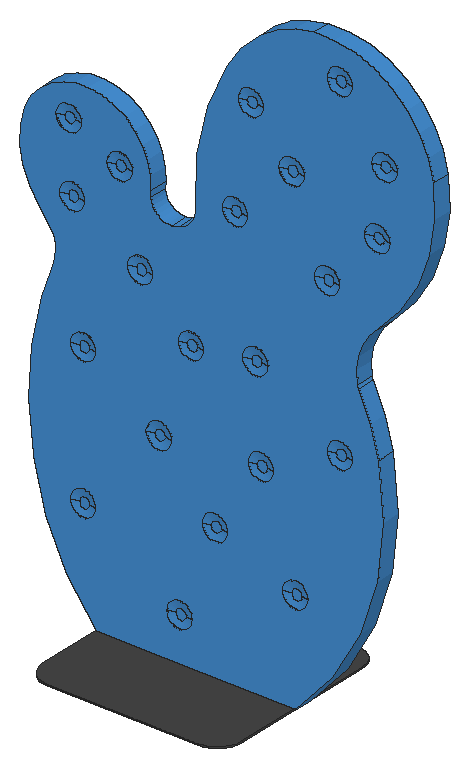
Revit family "Haworth_BuzziCactus_Taco", category Furniture, Revit 2018
Family settings
  OmniClass Number = 23.40.70.14.64.21
  OmniClass Title = Systems Furniture
  Work Plane-Based = No
  Always vertical = Yes
  Cut with Voids When Loaded = No
  Shared = No
  Room Calculation Point = No
Parameters (values of type "HCBZ-CTS1-2")
  Warranty = "http://www.haworth.com/resources/product-info/warranties"
  Upholstery Finish [instance] = Haworth _ Fabric _ Trevira CS _ Lavender BCS-6006
  URL - Product = "https://www.haworth.com/products/architectural-interiors/acoustic-solutions/buzzicactus"
  URL = "http://www.haworth.com/our-brands/haworth-collection"
  Size = "Verify Final Dim. w/ Haworth"  # constant formula
  Revision Number = "1"  # constant formula
  Model = "HCBZ-CTS"  # constant formula
  Manufacturer = "Haworth"  # constant formula
  Description = "Haworth BuzziCactus Taco"  # constant formula
  Base Finish [instance] = Haworth _ Paint _ Black BTR-9005
  Author = "Haworth (Abd Rahman)"  # constant formula
  Assembly Code = "E2020200"
  Actual Width = 40 41/256"  # constant formula
  Actual Height = 59 83/128"  # constant formula
  Actual Depth = 19 37/128"  # constant formula
Reference planes (in)
  plane 1 "Center F/B": y = 1.75
  plane 2: z = 0
  plane 3 "Back": y = 11.39453
  plane 4 "Front": y = -7.89453
  plane 5 "Top": z = 59.64844
  plane 6 "Right": x = 42.54045
  plane 7 "Left": x = 2.3803
  plane 8: x = 22.46038
  plane 9 "Front Surface": y = 0.89776
  plane 10 "Back Surface": y = 2.63042
  plane 11 "Base Top": z = 0.11811
Forms (in)
  Extrusion 1, solid, material "Haworth _ Paint _ Black BTR-9005" <- "Base Finish"
    sketch origin (0, 0, 0) x (1, 0, 0) y (0, 1, 0)
      loop
        arc (26.70628, -7.89453) -> (28.3845, -7.19939) -> (29.07964, -5.52117) r 2.37336
        line (29.07964, -5.52117) -> (29.07964, 9.01953)
        arc (29.07964, 9.01953) -> (28.38402, 10.69891) -> (26.70464, 11.39453) r 2.375
        line (26.70464, 11.39453) -> (12.1633, 11.39453)
        arc (12.1633, 11.39453) -> (10.48393, 10.69891) -> (9.7883, 9.01953) r 2.375
        line (9.7883, 9.01953) -> (9.7883, -5.51953)
        arc (9.7883, -5.51953) -> (10.48393, -7.19891) -> (12.1633, -7.89453) r 2.375
        line (12.1633, -7.89453) -> (26.70628, -7.89453)
    from 0 to 0.11811
  Extrusion 2, solid, material "Haworth _ Fabric _ Trevira CS _ Lavender BCS-6006" <- "Upholstery Finish"
    sketch origin (0, 1.75, 0) x (1, 0, 0) y (0, 0, 1)
      loop
        arc (3.57334, 44.54131) -> (3.17392, 43.91059) -> (2.87285, 43.22743) r 5
        arc (2.87285, 43.22743) -> (2.52004, 39.04348) -> (4.26407, 35.22402) r 8.28359
        arc (4.26407, 35.22402) -> (5.01415, 34.18685) -> (5.63813, 33.06928) r 10.95518
        arc (5.63813, 33.06928) -> (5.8108, 32.5846) -> (5.87504, 32.07412) r 2.375
        arc (5.87504, 32.07412) -> (5.78933, 31.06538) -> (5.50218, 30.09458) r 5
        arc (5.50218, 30.09458) -> (4.97618, 28.72052) -> (4.51505, 27.32335) r 31.43664
        arc (4.51505, 27.32335) -> (3.27388, 20.39221) -> (3.69042, 13.36315) r 29.85732
        arc (3.69042, 13.36315) -> (3.70573, 13.27297) -> (3.7194, 13.18252) r 5
        arc (3.7194, 13.18252) -> (5.79119, 6.19802) -> (9.80494, 0.11811) r 24.77486
        line (9.80494, 0.11811) -> (29.20963, 0.11811)
        arc (29.20963, 0.11811) -> (36.41132, 11.29412) -> (37.1761, 24.56751) r 26.11046
        arc (37.1761, 24.56751) -> (36.39912, 27.41991) -> (35.25311, 30.1451) r 22.39069
        arc (35.25311, 30.1451) -> (35.19015, 30.30086) -> (35.15281, 30.46466) r 1.05095
        arc (35.15281, 30.46466) -> (35.46719, 33.47204) -> (37.1761, 35.96658) r 6.15354
        arc (37.1761, 35.96658) -> (41.70301, 42.57176) -> (42.54045, 50.53542) r 16.30909
        arc (42.54045, 50.53542) -> (38.56094, 57.39595) -> (30.93959, 59.59101) r 10.62812
        arc (30.93959, 59.59101) -> (28.25698, 58.93313) -> (25.85668, 57.56648) r 10
        arc (25.85668, 57.56648) -> (23.9612, 55.77758) -> (22.46038, 53.64672) r 13.00879
        arc (22.46038, 53.64672) -> (19.98147, 47.22193) -> (19.44391, 40.35652) r 23.82209
        arc (19.44391, 40.35652) -> (19.0254, 38.90984) -> (17.77585, 38.06922) r 2.20502
        arc (17.77585, 38.06922) -> (17.45338, 38.00025) -> (17.12706, 37.95269) r 5
        arc (17.12706, 37.95269) -> (15.73296, 38.38498) -> (15.10437, 39.70226) r 1.82063
        arc (15.10437, 39.70226) -> (15.10276, 39.97035) -> (15.11553, 40.23814) r 5
        arc (15.11553, 40.23814) -> (10.96046, 46.72431) -> (3.57334, 44.54131) r 6.41316
    from -0.88042 to 0.85224
  Blend 3, void
    base sketch origin (0, 1.75, 0) x (1, 0, 0) y (0, 0, 1)
      loop
        circle (7.15021, 43.78373) r 0.52571
    top sketch origin (0, 1.75, 0) x (1, 0, 0) y (0, 0, 1)
      loop
        circle (7.15021, 43.78373) r 1.23496
    from 0.6948 to 0.85224
  Blend 4, solid, material "Haworth _ Fabric _ Trevira CS _ Lavender BCS-6006" <- "Upholstery Finish"
    base sketch origin (0, 1.75, 0) x (1, 0, 0) y (0, 0, 1)
      loop
        circle (33.46417, 56.18339) r 0.1916
    top sketch origin (0, 1.75, 0) x (1, 0, 0) y (0, 0, 1)
      loop
        circle (33.46417, 56.18339) r 0.89879
    from -1.04195 to -0.88042
  Blend 5, solid, material "Haworth _ Fabric _ Trevira CS _ Lavender BCS-6006" <- "Upholstery Finish"
    base sketch origin (4.33284, 1.75, -5.93173) x (1, 0, 0) y (0, 0, 1)
      loop
        circle (33.46417, 56.18339) r 0.1916
    top sketch origin (4.33284, 1.75, -5.93173) x (1, 0, 0) y (0, 0, 1)
      loop
        circle (33.46417, 56.18339) r 0.89879
    from -1.04195 to -0.88042
  Blend 6, void
    base sketch origin (4.94844, 1.75, -2.47438) x (1, 0, 0) y (0, 0, 1)
      loop
        circle (7.15021, 43.78373) r 0.52571
    top sketch origin (4.94844, 1.75, -2.47438) x (1, 0, 0) y (0, 0, 1)
      loop
        circle (7.15021, 43.78373) r 1.23496
    from 0.6948 to 0.85224
  Blend 7, void
    base sketch origin (0.3391, 1.75, -6.70618) x (1, 0, 0) y (0, 0, 1)
      loop
        circle (7.15021, 43.78373) r 0.52571
    top sketch origin (0.3391, 1.75, -6.70618) x (1, 0, 0) y (0, 0, 1)
      loop
        circle (7.15021, 43.78373) r 1.23496
    from 0.6948 to 0.85224
  Blend 8, void
    base sketch origin (6.93649, 1.75, -10.78876) x (1, 0, 0) y (0, 0, 1)
      loop
        circle (7.15021, 43.78373) r 0.52571
    top sketch origin (6.93649, 1.75, -10.78876) x (1, 0, 0) y (0, 0, 1)
      loop
        circle (7.15021, 43.78373) r 1.23496
    from 0.6948 to 0.85224
  Blend 9, void
    base sketch origin (11.86741, 1.75, -15.65306) x (1, 0, 0) y (0, 0, 1)
      loop
        circle (7.15021, 43.78373) r 0.52571
    top sketch origin (11.86741, 1.75, -15.65306) x (1, 0, 0) y (0, 0, 1)
      loop
        circle (7.15021, 43.78373) r 1.23496
    from 0.6948 to 0.85224
  Blend 10, void
    base sketch origin (1.4054, 1.75, -19.43791) x (1, 0, 0) y (0, 0, 1)
      loop
        circle (7.15021, 43.78373) r 0.52571
    top sketch origin (1.4054, 1.75, -19.43791) x (1, 0, 0) y (0, 0, 1)
      loop
        circle (7.15021, 43.78373) r 1.23496
    from 0.6948 to 0.85224
  Blend 11, void
    base sketch origin (8.73727, 1.75, -24.55799) x (1, 0, 0) y (0, 0, 1)
      loop
        circle (7.15021, 43.78373) r 0.52571
    top sketch origin (8.73727, 1.75, -24.55799) x (1, 0, 0) y (0, 0, 1)
      loop
        circle (7.15021, 43.78373) r 1.23496
    from 0.6948 to 0.85224
  Blend 12, void
    base sketch origin (1.40511, 1.75, -33.01981) x (1, 0, 0) y (0, 0, 1)
      loop
        circle (7.15021, 43.78373) r 0.52571
    top sketch origin (1.40511, 1.75, -33.01981) x (1, 0, 0) y (0, 0, 1)
      loop
        circle (7.15021, 43.78373) r 1.23496
    from 0.6948 to 0.85224
  Blend 13, void
    base sketch origin (10.7536, 1.75, -39.44265) x (1, 0, 0) y (0, 0, 1)
      loop
        circle (7.15021, 43.78373) r 0.52571
    top sketch origin (10.7536, 1.75, -39.44265) x (1, 0, 0) y (0, 0, 1)
      loop
        circle (7.15021, 43.78373) r 1.23496
    from 0.6948 to 0.85224
  Blend 14, void
    base sketch origin (14.1852, 1.75, -30.63048) x (1, 0, 0) y (0, 0, 1)
      loop
        circle (7.15021, 43.78373) r 0.52571
    top sketch origin (14.1852, 1.75, -30.63048) x (1, 0, 0) y (0, 0, 1)
      loop
        circle (7.15021, 43.78373) r 1.23496
    from 0.6948 to 0.85224
  Blend 15, void
    base sketch origin (21.99703, 1.75, -33.7683) x (1, 0, 0) y (0, 0, 1)
      loop
        circle (7.15021, 43.78373) r 0.52571
    top sketch origin (21.99703, 1.75, -33.7683) x (1, 0, 0) y (0, 0, 1)
      loop
        circle (7.15021, 43.78373) r 1.23496
    from 0.6948 to 0.85224
  Blend 16, void
    base sketch origin (18.66106, 1.75, -23.77845) x (1, 0, 0) y (0, 0, 1)
      loop
        circle (7.15021, 43.78373) r 0.52571
    top sketch origin (18.66106, 1.75, -23.77845) x (1, 0, 0) y (0, 0, 1)
      loop
        circle (7.15021, 43.78373) r 1.23496
    from 0.6948 to 0.85224
  Blend 17, void
    base sketch origin (26.32652, 1.75, -20.10373) x (1, 0, 0) y (0, 0, 1)
      loop
        circle (7.15021, 43.78373) r 0.52571
    top sketch origin (26.32652, 1.75, -20.10373) x (1, 0, 0) y (0, 0, 1)
      loop
        circle (7.15021, 43.78373) r 1.23496
    from 0.6948 to 0.85224
  Blend 18, void
    base sketch origin (18.11311, 1.75, -14.80994) x (1, 0, 0) y (0, 0, 1)
      loop
        circle (7.15021, 43.78373) r 0.52571
    top sketch origin (18.11311, 1.75, -14.80994) x (1, 0, 0) y (0, 0, 1)
      loop
        circle (7.15021, 43.78373) r 1.23496
    from 0.6948 to 0.85224
  Blend 19, void
    base sketch origin (25.09437, 1.75, -5.34409) x (1, 0, 0) y (0, 0, 1)
      loop
        circle (7.15021, 43.78373) r 0.52571
    top sketch origin (25.09437, 1.75, -5.34409) x (1, 0, 0) y (0, 0, 1)
      loop
        circle (7.15021, 43.78373) r 1.23496
    from 0.6948 to 0.85224
  Blend 20, void
    base sketch origin (16.14643, 1.75, -2.48063) x (1, 0, 0) y (0, 0, 1)
      loop
        circle (7.15021, 43.78373) r 0.52571
    top sketch origin (16.14643, 1.75, -2.48063) x (1, 0, 0) y (0, 0, 1)
      loop
        circle (7.15021, 43.78373) r 1.23496
    from 0.6948 to 0.85224
  Blend 21, void
    base sketch origin (21.64384, 1.75, 2.93905) x (1, 0, 0) y (0, 0, 1)
      loop
        circle (7.15021, 43.78373) r 0.52571
    top sketch origin (21.64384, 1.75, 2.93905) x (1, 0, 0) y (0, 0, 1)
      loop
        circle (7.15021, 43.78373) r 1.23496
    from 0.6948 to 0.85224
  Blend 22, void
    base sketch origin (29.96676, 1.75, 0.01422) x (1, 0, 0) y (0, 0, 1)
      loop
        circle (7.15021, 43.78373) r 0.52571
    top sketch origin (29.96676, 1.75, 0.01422) x (1, 0, 0) y (0, 0, 1)
      loop
        circle (7.15021, 43.78373) r 1.23496
    from 0.6948 to 0.85224
  Blend 23, void
    base sketch origin (17.69229, 1.75, 7.54547) x (1, 0, 0) y (0, 0, 1)
      loop
        circle (7.15021, 43.78373) r 0.52571
    top sketch origin (17.69229, 1.75, 7.54547) x (1, 0, 0) y (0, 0, 1)
      loop
        circle (7.15021, 43.78373) r 1.23496
    from 0.6948 to 0.85224
  Blend 24, void
    base sketch origin (30.66143, 1.75, 6.45407) x (1, 0, 0) y (0, 0, 1)
      loop
        circle (7.15021, 43.78373) r 0.52571
    top sketch origin (30.66143, 1.75, 6.45407) x (1, 0, 0) y (0, 0, 1)
      loop
        circle (7.15021, 43.78373) r 1.23496
    from 0.6948 to 0.85224
  Blend 25, void
    base sketch origin (26.32514, 1.75, 12.38656) x (1, 0, 0) y (0, 0, 1)
      loop
        circle (7.15021, 43.78373) r 0.52571
    top sketch origin (26.32514, 1.75, 12.38656) x (1, 0, 0) y (0, 0, 1)
      loop
        circle (7.15021, 43.78373) r 1.23496
    from 0.6948 to 0.85224
  Blend 26, solid, material "Haworth _ Fabric _ Trevira CS _ Lavender BCS-6006" <- "Upholstery Finish"
    base sketch origin (-8.61656, 1.75, -4.854) x (1, 0, 0) y (0, 0, 1)
      loop
        circle (33.46417, 56.18339) r 0.1916
    top sketch origin (-8.61656, 1.75, -4.854) x (1, 0, 0) y (0, 0, 1)
      loop
        circle (33.46417, 56.18339) r 0.89879
    from -1.04195 to -0.88042
  Blend 27, solid, material "Haworth _ Fabric _ Trevira CS _ Lavender BCS-6006" <- "Upholstery Finish"
    base sketch origin (-4.66781, 1.75, -9.4608) x (1, 0, 0) y (0, 0, 1)
      loop
        circle (33.46417, 56.18339) r 0.1916
    top sketch origin (-4.66781, 1.75, -9.4608) x (1, 0, 0) y (0, 0, 1)
      loop
        circle (33.46417, 56.18339) r 0.89879
    from -1.04195 to -0.88042
  Blend 28, solid, material "Haworth _ Fabric _ Trevira CS _ Lavender BCS-6006" <- "Upholstery Finish"
    base sketch origin (3.65949, 1.75, -12.3937) x (1, 0, 0) y (0, 0, 1)
      loop
        circle (33.46417, 56.18339) r 0.1916
    top sketch origin (3.65949, 1.75, -12.3937) x (1, 0, 0) y (0, 0, 1)
      loop
        circle (33.46417, 56.18339) r 0.89879
    from -1.04195 to -0.88042
  Blend 29, solid, material "Haworth _ Fabric _ Trevira CS _ Lavender BCS-6006" <- "Upholstery Finish"
    base sketch origin (-1.21641, 1.75, -17.74098) x (1, 0, 0) y (0, 0, 1)
      loop
        circle (33.46417, 56.18339) r 0.1916
    top sketch origin (-1.21641, 1.75, -17.74098) x (1, 0, 0) y (0, 0, 1)
      loop
        circle (33.46417, 56.18339) r 0.89879
    from -1.04195 to -0.88042
  Blend 30, solid, material "Haworth _ Fabric _ Trevira CS _ Lavender BCS-6006" <- "Upholstery Finish"
    base sketch origin (-10.17306, 1.75, -14.88001) x (1, 0, 0) y (0, 0, 1)
      loop
        circle (33.46417, 56.18339) r 0.1916
    top sketch origin (-10.17306, 1.75, -14.88001) x (1, 0, 0) y (0, 0, 1)
      loop
        circle (33.46417, 56.18339) r 0.89879
    from -1.04195 to -0.88042
  Blend 31, solid, material "Haworth _ Fabric _ Trevira CS _ Lavender BCS-6006" <- "Upholstery Finish"
    base sketch origin (-8.19848, 1.75, -27.21458) x (1, 0, 0) y (0, 0, 1)
      loop
        circle (33.46417, 56.18339) r 0.1916
    top sketch origin (-8.19848, 1.75, -27.21458) x (1, 0, 0) y (0, 0, 1)
      loop
        circle (33.46417, 56.18339) r 0.89879
    from -1.04195 to -0.88042
  Blend 32, solid, material "Haworth _ Fabric _ Trevira CS _ Lavender BCS-6006" <- "Upholstery Finish"
    base sketch origin (0.00939, 1.75, -32.49693) x (1, 0, 0) y (0, 0, 1)
      loop
        circle (33.46417, 56.18339) r 0.1916
    top sketch origin (0.00939, 1.75, -32.49693) x (1, 0, 0) y (0, 0, 1)
      loop
        circle (33.46417, 56.18339) r 0.89879
    from -1.04195 to -0.88042
  Blend 33, solid, material "Haworth _ Fabric _ Trevira CS _ Lavender BCS-6006" <- "Upholstery Finish"
    base sketch origin (-7.65896, 1.75, -36.17246) x (1, 0, 0) y (0, 0, 1)
      loop
        circle (33.46417, 56.18339) r 0.1916
    top sketch origin (-7.65896, 1.75, -36.17246) x (1, 0, 0) y (0, 0, 1)
      loop
        circle (33.46417, 56.18339) r 0.89879
    from -1.04195 to -0.88042
  Blend 34, solid, material "Haworth _ Fabric _ Trevira CS _ Lavender BCS-6006" <- "Upholstery Finish"
    base sketch origin (-4.3286, 1.75, -46.16636) x (1, 0, 0) y (0, 0, 1)
      loop
        circle (33.46417, 56.18339) r 0.1916
    top sketch origin (-4.3286, 1.75, -46.16636) x (1, 0, 0) y (0, 0, 1)
      loop
        circle (33.46417, 56.18339) r 0.89879
    from -1.04195 to -0.88042
  Blend 35, solid, material "Haworth _ Fabric _ Trevira CS _ Lavender BCS-6006" <- "Upholstery Finish"
    base sketch origin (-12.12602, 1.75, -43.03701) x (1, 0, 0) y (0, 0, 1)
      loop
        circle (33.46417, 56.18339) r 0.1916
    top sketch origin (-12.12602, 1.75, -43.03701) x (1, 0, 0) y (0, 0, 1)
      loop
        circle (33.46417, 56.18339) r 0.89879
    from -1.04195 to -0.88042
  Blend 36, solid, material "Haworth _ Fabric _ Trevira CS _ Lavender BCS-6006" <- "Upholstery Finish"
    base sketch origin (-17.57946, 1.75, -36.9578) x (1, 0, 0) y (0, 0, 1)
      loop
        circle (33.46417, 56.18339) r 0.1916
    top sketch origin (-17.57946, 1.75, -36.9578) x (1, 0, 0) y (0, 0, 1)
      loop
        circle (33.46417, 56.18339) r 0.89879
    from -1.04195 to -0.88042
  Blend 37, solid, material "Haworth _ Fabric _ Trevira CS _ Lavender BCS-6006" <- "Upholstery Finish"
    base sketch origin (-24.91822, 1.75, -45.41938) x (1, 0, 0) y (0, 0, 1)
      loop
        circle (33.46417, 56.18339) r 0.1916
    top sketch origin (-24.91822, 1.75, -45.41938) x (1, 0, 0) y (0, 0, 1)
      loop
        circle (33.46417, 56.18339) r 0.89879
    from -1.04195 to -0.88042
  Blend 38, solid, material "Haworth _ Fabric _ Trevira CS _ Lavender BCS-6006" <- "Upholstery Finish"
    base sketch origin (-15.55515, 1.75, -51.84362) x (1, 0, 0) y (0, 0, 1)
      loop
        circle (33.46417, 56.18339) r 0.1916
    top sketch origin (-15.55515, 1.75, -51.84362) x (1, 0, 0) y (0, 0, 1)
      loop
        circle (33.46417, 56.18339) r 0.89879
    from -1.04195 to -0.88042
  Blend 39, solid, material "Haworth _ Fabric _ Trevira CS _ Lavender BCS-6006" <- "Upholstery Finish"
    base sketch origin (-24.92057, 1.75, -31.83771) x (1, 0, 0) y (0, 0, 1)
      loop
        circle (33.46417, 56.18339) r 0.1916
    top sketch origin (-24.92057, 1.75, -31.83771) x (1, 0, 0) y (0, 0, 1)
      loop
        circle (33.46417, 56.18339) r 0.89879
    from -1.04195 to -0.88042
  Blend 40, solid, material "Haworth _ Fabric _ Trevira CS _ Lavender BCS-6006" <- "Upholstery Finish"
    base sketch origin (-19.37873, 1.75, -23.18912) x (1, 0, 0) y (0, 0, 1)
      loop
        circle (33.46417, 56.18339) r 0.1916
    top sketch origin (-19.37873, 1.75, -23.18912) x (1, 0, 0) y (0, 0, 1)
      loop
        circle (33.46417, 56.18339) r 0.89879
    from -1.04195 to -0.88042
  Blend 41, solid, material "Haworth _ Fabric _ Trevira CS _ Lavender BCS-6006" <- "Upholstery Finish"
    base sketch origin (-14.44973, 1.75, -28.05885) x (1, 0, 0) y (0, 0, 1)
      loop
        circle (33.46417, 56.18339) r 0.1916
    top sketch origin (-14.44973, 1.75, -28.05885) x (1, 0, 0) y (0, 0, 1)
      loop
        circle (33.46417, 56.18339) r 0.89879
    from -1.04195 to -0.88042
  Blend 42, solid, material "Haworth _ Fabric _ Trevira CS _ Lavender BCS-6006" <- "Upholstery Finish"
    base sketch origin (-25.97086, 1.75, -19.103) x (1, 0, 0) y (0, 0, 1)
      loop
        circle (33.46417, 56.18339) r 0.1916
    top sketch origin (-25.97086, 1.75, -19.103) x (1, 0, 0) y (0, 0, 1)
      loop
        circle (33.46417, 56.18339) r 0.89879
    from -1.04195 to -0.88042
  Blend 43, solid, material "Haworth _ Fabric _ Trevira CS _ Lavender BCS-6006" <- "Upholstery Finish"
    base sketch origin (-21.36378, 1.75, -14.87974) x (1, 0, 0) y (0, 0, 1)
      loop
        circle (33.46417, 56.18339) r 0.1916
    top sketch origin (-21.36378, 1.75, -14.87974) x (1, 0, 0) y (0, 0, 1)
      loop
        circle (33.46417, 56.18339) r 0.89879
    from -1.04195 to -0.88042
  Blend 44, solid, material "Haworth _ Fabric _ Trevira CS _ Lavender BCS-6006" <- "Upholstery Finish"
    base sketch origin (-26.31209, 1.75, -12.39825) x (1, 0, 0) y (0, 0, 1)
      loop
        circle (33.46417, 56.18339) r 0.1916
    top sketch origin (-26.31209, 1.75, -12.39825) x (1, 0, 0) y (0, 0, 1)
      loop
        circle (33.46417, 56.18339) r 0.89879
    from -1.04195 to -0.88042
Cuts and joins
  Blend 3, Blend 6, Blend 7, Blend 8, Blend 9, Blend 10, Blend 11, Blend 12, Blend 13, Blend 14, Blend 15, Blend 16, Blend 17, Blend 18, Blend 19, Blend 20, Blend 21, Blend 22, Blend 23, Blend 24, Blend 25 cuts Extrusion 2
Lines and regions (in)
  Masking region 1
    outline origin (0, 0, 0) x (1, 0, 0) y (0, 1, 0)
      loop
        line (26.70464, 11.39453) -> (12.1633, 11.39453)
        arc (12.1633, 11.39453) -> (10.48393, 10.69891) -> (9.7883, 9.01953) r 2.375
        line (9.7883, 9.01953) -> (9.7883, 2.63042) -> (2.3803, 2.63042) -> (2.3803, 0.89776) -> (9.7883, 0.89776) -> (9.7883, -5.51953)
        arc (9.7883, -5.51953) -> (10.48393, -7.19891) -> (12.1633, -7.89453) r 2.375
        line (12.1633, -7.89453) -> (26.70628, -7.89453)
        arc (26.70628, -7.89453) -> (28.3845, -7.19939) -> (29.07964, -5.52117) r 2.37336
        line (29.07964, -5.52117) -> (29.07964, 0.89776) -> (42.54045, 0.89776) -> (42.54045, 2.63042) -> (29.07964, 2.63042) -> (29.07964, 9.01953)
        arc (29.07964, 9.01953) -> (28.38402, 10.69891) -> (26.70464, 11.39453) r 2.375
  symbolic lines
    curve 1: line (29.07964, 2.63042, 0) -> (9.80494, 2.63042, 0)
    curve 2: line (9.7883, 0.89776, 0) -> (29.07964, 0.89776, 0)
    curve 3: arc (15.10437, 0.89776, 0) -> (15.13886, 1.76409, 0) -> (15.10437, 2.63042, 0) r 10.8984
    curve 4: arc (19.44391, 0.89776, 0) -> (19.39211, 1.76409, 0) -> (19.44391, 2.63042, 0) r 7.27048
Dimensions and locks (in)
  "Actual Width": plane 7 "Left" to plane 6 "Right"
  "Actual Depth": plane 4 "Front" to plane 3 "Back"
  equal spacing: plane 4 "Front", plane 1 "Center F/B", plane 3 "Back"
  "Actual Height": plane 5 "Top" to level
  equal spacing: plane 7 "Left", plane 8, plane 6 "Right"
  aligned and locked: Extrusion 1 sketch curve to plane 3 "Back"
  aligned and locked: Extrusion 1 sketch curve to plane 4 "Front"
  aligned and locked: Extrusion 1 to plane 2
  aligned and locked: plane 11 "Base Top" to Extrusion 1
  aligned and locked: plane 10 "Back Surface" to Extrusion 2
  aligned and locked: Extrusion 2 to plane 9 "Front Surface"
  aligned and locked: plane 7 "Left" to Masking region 1 sketch curve
  aligned and locked: plane 10 "Back Surface" to Masking region 1 sketch curve  (x2)
  aligned and locked: Masking region 1 sketch curve to plane 9 "Front Surface"
  aligned and locked: Masking region 1 sketch curve to plane 6 "Right"
  aligned and locked: plane 9 "Front Surface" to Masking region 1 sketch curve
Automatic sketch dimensions
  Extrusion 1 sketch curve to Extrusion 1 sketch curve = 2 3/8"  (x2)
  Extrusion 1 sketch curve to plane 3 "Back" = 2 3/8"
  Extrusion 1 sketch curve to Extrusion 1 sketch curve = 2.37336"
  Extrusion 2 sketch curve to plane 11 "Base Top" = 0"
  plane 8 to Extrusion 2 sketch curve = 0"  (x2)
  Extrusion 2 sketch curve to plane 6 "Right" = 0"  (x2)
  plane 8 to Extrusion 2 sketch curve = 2.3587"
  Extrusion 2 sketch curve to Extrusion 2 sketch curve = 2.85786"
  Extrusion 2 sketch curve to Extrusion 2 sketch curve = 0.3198"
  Extrusion 2 sketch curve to Extrusion 2 sketch curve = 0.67438"
  plane 8 to Extrusion 2 sketch curve = 7.22918"
  Extrusion 2 sketch curve to Extrusion 2 sketch curve = 3.64572"
  Extrusion 2 sketch curve to Extrusion 2 sketch curve = 6.24277"
  Extrusion 2 sketch curve to plane 7 "Left" = 7.42464"
  Extrusion 2 sketch curve to Extrusion 2 sketch curve = 1.96111"
  Extrusion 2 sketch curve to Extrusion 2 sketch curve = 1.13411"
  Extrusion 2 sketch curve to plane 7 "Left" = 1.12007"
  plane 7 "Left" to Extrusion 2 sketch curve = 1.50457"
  plane 7 "Left" to Extrusion 2 sketch curve = 3.61142"
  Extrusion 2 sketch curve to Extrusion 2 sketch curve = 5.09848"
  Extrusion 2 sketch curve to plane 8 = 3.93805"
  Extrusion 2 sketch curve to plane 8 = 5.78873"
  Extrusion 2 sketch curve to plane 8 = 6.74925"
  Extrusion 2 sketch curve to Extrusion 2 sketch curve = 5.55886"
  Extrusion 2 sketch curve to Extrusion 2 sketch curve = 0.06392"
  Extrusion 2 sketch curve to Extrusion 2 sketch curve = 4.83013"
  Extrusion 2 sketch curve to Extrusion 2 sketch curve = 1.77162"
  Extrusion 2 sketch curve to Extrusion 2 sketch curve = 1.51092"
  Extrusion 2 sketch curve to plane 6 "Right" = 6.34758"
  Extrusion 2 sketch curve to plane 6 "Right" = 1.29785"
  plane 6 "Right" to Extrusion 2 sketch curve = 0.67225"
  plane 11 "Base Top" to Extrusion 2 sketch curve = 12.36276"
  plane 11 "Base Top" to Extrusion 2 sketch curve = 16.54105"
  Extrusion 2 sketch curve to Extrusion 2 sketch curve = 1.51268"
  Extrusion 2 sketch curve to Extrusion 2 sketch curve = 0.45976"
  Extrusion 2 sketch curve to Extrusion 2 sketch curve = 6.20073"
  Extrusion 2 sketch curve to Extrusion 2 sketch curve = 0.73856"
  Extrusion 2 sketch curve to Extrusion 2 sketch curve = 15.81567"
  Extrusion 2 sketch curve to Extrusion 2 sketch curve = 6.04805"
  Extrusion 2 sketch curve to Extrusion 2 sketch curve = 0.73262"
  Extrusion 2 sketch curve to Extrusion 2 sketch curve = 3.69435"
  Extrusion 2 sketch curve to Extrusion 2 sketch curve = 0.04369"
  Extrusion 2 sketch curve to Extrusion 2 sketch curve = 7.72737"
  Extrusion 2 sketch curve to Extrusion 2 sketch curve = 0.10425"
  Extrusion 2 sketch curve to Extrusion 2 sketch curve = 0.44714"
  Extrusion 2 sketch curve to Extrusion 2 sketch curve = 0.70016"
  Extrusion 2 sketch curve to Extrusion 2 sketch curve = 0.25306"
  Extrusion 2 sketch curve to Extrusion 2 sketch curve = 0.8431"
  Extrusion 2 sketch curve to Extrusion 2 sketch curve = 10.60098"
  Extrusion 2 sketch curve to Extrusion 2 sketch curve = 2.7124"
  Extrusion 2 sketch curve to Extrusion 2 sketch curve = 5.30975"
  Extrusion 2 sketch curve to Extrusion 2 sketch curve = 5.4397"
  Extrusion 2 sketch curve to Extrusion 2 sketch curve = 1.75917"
  Extrusion 2 sketch curve to Extrusion 2 sketch curve = 0.62486"
  Extrusion 2 sketch curve to Extrusion 2 sketch curve = 0"  (x14)
  Extrusion 2 sketch curve to Extrusion 2 sketch curve = 0.01116"
  Extrusion 2 sketch curve to Extrusion 2 sketch curve = 2.37467"
  Extrusion 2 sketch curve to Extrusion 2 sketch curve = 1.04006"
  Blend 3 sketch curve to plane 7 "Left" = 4.76991"  (x2)
  Blend 3 sketch curve to plane 5 "Top" = 15.86471"  (x2)
  Blend 4 sketch curve to plane 5 "Top" = 3.46505"  (x2)
  Blend 4 sketch curve to plane 6 "Right" = 9.07628"  (x2)
  Blend 5 sketch curve to plane 6 "Right" = 4.74344"  (x2)
  Blend 5 sketch curve to plane 5 "Top" = 9.39678"  (x2)
  Blend 6 sketch curve to plane 7 "Left" = 9.71836"  (x2)
  Blend 6 sketch curve to plane 5 "Top" = 18.33909"  (x2)
  Blend 7 sketch curve to plane 7 "Left" = 5.10901"  (x2)
  Blend 7 sketch curve to plane 5 "Top" = 22.57089"  (x2)
  plane 8 to Blend 8 sketch curve = 8.37367"  (x2)
  Blend 8 sketch curve to plane 5 "Top" = 26.65347"  (x2)
  plane 8 to Blend 9 sketch curve = 3.44275"  (x2)
  plane 11 "Base Top" to Blend 9 sketch curve = 28.01256"  (x2)
  Blend 10 sketch curve to plane 7 "Left" = 6.17531"  (x2)
  plane 11 "Base Top" to Blend 10 sketch curve = 24.2277"  (x2)
  plane 8 to Blend 11 sketch curve = 6.57289"  (x2)
  plane 11 "Base Top" to Blend 11 sketch curve = 19.10763"  (x2)
  Blend 12 sketch curve to plane 7 "Left" = 6.17502"  (x2)
  plane 11 "Base Top" to Blend 12 sketch curve = 10.64581"  (x2)
  plane 8 to Blend 13 sketch curve = 4.55657"  (x2)
  plane 11 "Base Top" to Blend 13 sketch curve = 4.22297"  (x2)
  plane 8 to Blend 14 sketch curve = 1.12497"  (x2)
  plane 11 "Base Top" to Blend 14 sketch curve = 13.03513"  (x2)
  Blend 15 sketch curve to plane 8 = 6.68686"  (x2)
  plane 11 "Base Top" to Blend 15 sketch curve = 9.89732"  (x2)
  Blend 16 sketch curve to plane 8 = 3.3509"  (x2)
  plane 11 "Base Top" to Blend 16 sketch curve = 19.88717"  (x2)
  Blend 17 sketch curve to plane 6 "Right" = 9.06372"  (x2)
  plane 11 "Base Top" to Blend 17 sketch curve = 23.56189"  (x2)
  Blend 18 sketch curve to plane 8 = 2.80294"  (x2)
  plane 11 "Base Top" to Blend 18 sketch curve = 28.85568"  (x2)
  Blend 19 sketch curve to plane 8 = 9.78421"  (x2)
  Blend 19 sketch curve to plane 5 "Top" = 21.2088"  (x2)
  Blend 20 sketch curve to plane 8 = 0.83626"  (x2)
  Blend 20 sketch curve to plane 5 "Top" = 18.34534"  (x2)
  Blend 21 sketch curve to plane 8 = 6.33367"  (x2)
  Blend 21 sketch curve to plane 5 "Top" = 12.92566"  (x2)
  Blend 22 sketch curve to plane 6 "Right" = 5.42348"  (x2)
  Blend 22 sketch curve to plane 5 "Top" = 15.85049"  (x2)
  Blend 23 sketch curve to plane 8 = 2.38213"  (x2)
  Blend 23 sketch curve to plane 5 "Top" = 8.31924"  (x2)
  Blend 24 sketch curve to plane 6 "Right" = 4.72882"  (x2)
  Blend 24 sketch curve to plane 5 "Top" = 9.41064"  (x2)
  Blend 25 sketch curve to plane 5 "Top" = 3.47815"  (x2)
  Blend 25 sketch curve to plane 6 "Right" = 9.0651"  (x2)
  Blend 26 sketch curve to plane 8 = 2.38724"  (x2)
  Blend 26 sketch curve to plane 5 "Top" = 8.31905"  (x2)
  Blend 27 sketch curve to plane 8 = 6.33599"  (x2)
  Blend 27 sketch curve to plane 5 "Top" = 12.92585"  (x2)
  Blend 28 sketch curve to plane 6 "Right" = 5.41679"  (x2)
  Blend 28 sketch curve to plane 5 "Top" = 15.85875"  (x2)
  Blend 29 sketch curve to plane 6 "Right" = 10.29269"  (x2)
  Blend 29 sketch curve to plane 5 "Top" = 21.20603"  (x2)
  Blend 30 sketch curve to plane 8 = 0.83074"  (x2)
  Blend 30 sketch curve to plane 5 "Top" = 18.34506"  (x2)
  Blend 31 sketch curve to plane 8 = 2.80532"  (x2)
  plane 11 "Base Top" to Blend 31 sketch curve = 28.85069"  (x2)
  Blend 32 sketch curve to plane 6 "Right" = 9.06689"  (x2)
  plane 11 "Base Top" to Blend 32 sketch curve = 23.56835"  (x2)
  Blend 33 sketch curve to plane 8 = 3.34484"  (x2)
  plane 11 "Base Top" to Blend 33 sketch curve = 19.89282"  (x2)
  Blend 34 sketch curve to plane 8 = 6.6752"  (x2)
  plane 11 "Base Top" to Blend 34 sketch curve = 9.89892"  (x2)
  plane 8 to Blend 35 sketch curve = 1.12222"  (x2)
  plane 11 "Base Top" to Blend 35 sketch curve = 13.02827"  (x2)
  plane 8 to Blend 36 sketch curve = 6.57567"  (x2)
  plane 11 "Base Top" to Blend 36 sketch curve = 19.10747"  (x2)
  Blend 37 sketch curve to plane 7 "Left" = 6.16566"  (x2)
  plane 11 "Base Top" to Blend 37 sketch curve = 10.6459"  (x2)
  plane 8 to Blend 38 sketch curve = 4.55136"  (x2)
  plane 11 "Base Top" to Blend 38 sketch curve = 4.22166"  (x2)
  Blend 39 sketch curve to plane 7 "Left" = 6.1633"  (x2)
  plane 11 "Base Top" to Blend 39 sketch curve = 24.22757"  (x2)
  plane 8 to Blend 40 sketch curve = 8.37493"  (x2)
  Blend 40 sketch curve to plane 5 "Top" = 26.65417"  (x2)
  plane 8 to Blend 41 sketch curve = 3.44593"  (x2)
  plane 11 "Base Top" to Blend 41 sketch curve = 28.00642"  (x2)
  Blend 42 sketch curve to plane 7 "Left" = 5.11301"  (x2)
  Blend 42 sketch curve to plane 5 "Top" = 22.56805"  (x2)
  Blend 43 sketch curve to plane 7 "Left" = 9.7201"  (x2)
  Blend 43 sketch curve to plane 5 "Top" = 18.34479"  (x2)
  Blend 44 sketch curve to plane 7 "Left" = 4.77179"  (x2)
  Blend 44 sketch curve to plane 5 "Top" = 15 221/256"  (x2)
  Extrusion 1 sketch curve to plane 7 "Left" = 7.40801"
  Extrusion 1 sketch curve to plane 8 = 4.24427"
  Masking region 1 sketch curve to plane 3 "Back" = 0"
  plane 4 "Front" to Masking region 1 sketch curve = 0"
  Masking region 1 sketch curve to plane 3 "Back" = 2 3/8"  (x2)
  Masking region 1 sketch curve to plane 7 "Left" = 7.40801"  (x2)
  Masking region 1 sketch curve to plane 4 "Front" = 2 3/8"
  Masking region 1 sketch curve to plane 8 = 4.24427"
  Masking region 1 sketch curve to plane 8 = 4.2459"
  Masking region 1 sketch curve to Masking region 1 sketch curve = 0"
  curve 2 to plane 9 "Front Surface" = 0"
  curve 4 to plane 10 "Back Surface" = 0"
  curve 3 to plane 1 "Center F/B" = 0.01409"
  curve 3 to plane 7 "Left" = 1.86015"
  curve 4 to plane 1 "Center F/B" = 0.01409"
  curve 4 to plane 8 = 4.20222"
  curve 3 to curve 2 = 5.54785"
  curve 2 to curve 1 = 0.01664"
  curve 1 to curve 3 = 5.29943"
  plane 8 to curve 4 = 3.01647"
  curve 4 to curve 1 = 2.41705"
  curve 2 to curve 1 = 0"
  radius of Blend 3 sketch curve = 0.52571"
  radius of Blend 3 sketch curve = 1.23496"
  radius of Blend 4 sketch curve = 0.1916"
  radius of Blend 4 sketch curve = 0.89879"
  radius of Blend 5 sketch curve = 0.1916"
  radius of Blend 5 sketch curve = 0.89879"
  radius of Blend 6 sketch curve = 0.52571"
  radius of Blend 6 sketch curve = 1.23496"
  radius of Blend 7 sketch curve = 0.52571"
  radius of Blend 7 sketch curve = 1.23496"
  radius of Blend 8 sketch curve = 0.52571"
  radius of Blend 8 sketch curve = 1.23496"
  radius of Blend 9 sketch curve = 0.52571"
  radius of Blend 9 sketch curve = 1.23496"
  radius of Blend 10 sketch curve = 0.52571"
  radius of Blend 10 sketch curve = 1.23496"
  radius of Blend 11 sketch curve = 0.52571"
  radius of Blend 11 sketch curve = 1.23496"
  radius of Blend 12 sketch curve = 0.52571"
  radius of Blend 12 sketch curve = 1.23496"
  radius of Blend 13 sketch curve = 0.52571"
  radius of Blend 13 sketch curve = 1.23496"
  radius of Blend 14 sketch curve = 0.52571"
  radius of Blend 14 sketch curve = 1.23496"
  radius of Blend 15 sketch curve = 0.52571"
  radius of Blend 15 sketch curve = 1.23496"
  radius of Blend 16 sketch curve = 0.52571"
  radius of Blend 16 sketch curve = 1.23496"
  radius of Blend 17 sketch curve = 0.52571"
  radius of Blend 17 sketch curve = 1.23496"
  radius of Blend 18 sketch curve = 0.52571"
  radius of Blend 18 sketch curve = 1.23496"
  radius of Blend 19 sketch curve = 0.52571"
  radius of Blend 19 sketch curve = 1.23496"
  radius of Blend 20 sketch curve = 0.52571"
  radius of Blend 20 sketch curve = 1.23496"
  radius of Blend 21 sketch curve = 0.52571"
  radius of Blend 21 sketch curve = 1.23496"
  radius of Blend 22 sketch curve = 0.52571"
  radius of Blend 22 sketch curve = 1.23496"
  radius of Blend 23 sketch curve = 0.52571"
  radius of Blend 23 sketch curve = 1.23496"
  radius of Blend 24 sketch curve = 0.52571"
  radius of Blend 24 sketch curve = 1.23496"
  radius of Blend 25 sketch curve = 0.52571"
  radius of Blend 25 sketch curve = 1.23496"
  radius of Blend 26 sketch curve = 0.1916"
  radius of Blend 26 sketch curve = 0.89879"
  radius of Blend 27 sketch curve = 0.1916"
  radius of Blend 27 sketch curve = 0.89879"
  radius of Blend 28 sketch curve = 0.1916"
  radius of Blend 28 sketch curve = 0.89879"
  radius of Blend 29 sketch curve = 0.1916"
  radius of Blend 29 sketch curve = 0.89879"
  radius of Blend 30 sketch curve = 0.1916"
  radius of Blend 30 sketch curve = 0.89879"
  radius of Blend 31 sketch curve = 0.1916"
  radius of Blend 31 sketch curve = 0.89879"
  radius of Blend 32 sketch curve = 0.1916"
  radius of Blend 32 sketch curve = 0.89879"
  radius of Blend 33 sketch curve = 0.1916"
  radius of Blend 33 sketch curve = 0.89879"
  radius of Blend 34 sketch curve = 0.1916"
  radius of Blend 34 sketch curve = 0.89879"
  radius of Blend 35 sketch curve = 0.1916"
  radius of Blend 35 sketch curve = 0.89879"
  radius of Blend 36 sketch curve = 0.1916"
  radius of Blend 36 sketch curve = 0.89879"
  radius of Blend 37 sketch curve = 0.1916"
  radius of Blend 37 sketch curve = 0.89879"
  radius of Blend 38 sketch curve = 0.1916"
  radius of Blend 38 sketch curve = 0.89879"
  radius of Blend 39 sketch curve = 0.1916"
  radius of Blend 39 sketch curve = 0.89879"
  radius of Blend 40 sketch curve = 0.1916"
  radius of Blend 40 sketch curve = 0.89879"
  radius of Blend 41 sketch curve = 0.1916"
  radius of Blend 41 sketch curve = 0.89879"
  radius of Blend 42 sketch curve = 0.1916"
  radius of Blend 42 sketch curve = 0.89879"
  radius of Blend 43 sketch curve = 0.1916"
  radius of Blend 43 sketch curve = 0.89879"
  radius of Blend 44 sketch curve = 0.1916"
  radius of Blend 44 sketch curve = 0.89879"
